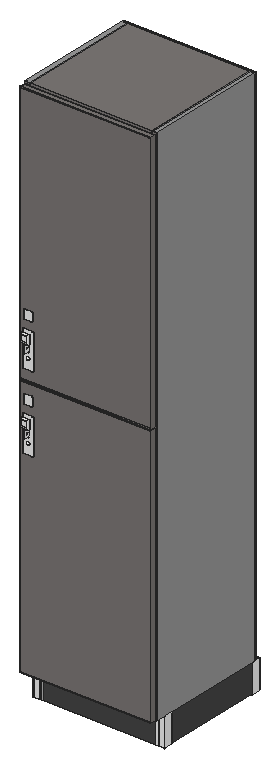
Revit family "Wood_Lockers_Hasps-Salsbury_Industries-18_42000_Series-1_Wide_Units.rfa", category Specialty Equipment, Revit 2016 (continued)
Definition of nested family "Wood Locker Side Panels-No Slope"
  Forms (in)
    Extrusion 2, solid, material <- "Laminate Surface", visible <- "Visible"
      from -0.031 to 0
    Extrusion 3, solid, material <- "Laminate Surface", visible <- "Visible"
      sketch origin (0, 0, 0) x (1, 0, 0) y (0, 0, 1)
        loop
          line (-11.8125, 0) -> (11.8125, 0) -> (11.8125, 72) -> (-11.8125, 72) -> (-11.8125, 0)
        loop
          line (-11.7815, 0.031) -> (11.7815, 0.031) -> (11.7815, 71.969) -> (-11.7815, 71.969) -> (-11.7815, 0.031)
      from -0.375 to 0.344
  Dimensions and locks (in)
    equal spacing: plane 6 "Left Side", plane 3 "Center (Left/Right)", plane 7 "Right Side"
    plane 5 "Front" to plane 1 "Center (Front/Back)" to plane 4 "Back" = 0.375", 0.375"
    "Width": plane 6 "Left Side" to plane 7 "Right Side"
    "Depth": plane 5 "Front" to plane 4 "Back"
    equal spacing: plane 9 "Top", plane 10 "Center Elevation", plane 8 "Bottom"
    "Height": plane 9 "Top" to plane 8 "Bottom"
    locked: plane 5 "Front" to plane 11 "Wood - Laminate Edge" at 0.031
    locked: plane 15 "Bottom of Wood" to plane 8 "Bottom" at 0.031
    locked: plane 12 "Right Side of Wood" to plane 7 "Right Side" at 0.031
    locked: plane 6 "Left Side" to plane 13 "Left Side of Wood" at 0.031
    locked: plane 9 "Top" to plane 14 "Top of Wood" at 0.031
    aligned and locked: level to plane 2
    aligned and locked: Extrusion 2 sketch curve to plane 7 "Right Side"
    aligned and locked: plane 8 "Bottom" to Extrusion 2 sketch curve
    aligned and locked: plane 6 "Left Side" to Extrusion 2 sketch curve
    aligned and locked: plane 9 "Top" to Extrusion 2 sketch curve
    aligned and locked: Extrusion 3 to plane 4 "Back"
    aligned and locked: plane 11 "Wood - Laminate Edge" to Extrusion 3
  Automatic sketch dimensions
    plane 13 "Left Side of Wood" to Extrusion 1 sketch curve = 0.000"
    plane 12 "Right Side of Wood" to Extrusion 1 sketch curve = 0.000"
    Extrusion 1 sketch curve to plane 15 "Bottom of Wood" = 0.000"
    Extrusion 1 sketch curve to plane 14 "Top of Wood" = 0.000"
    plane 13 "Left Side of Wood" to Extrusion 3 sketch curve = 0.000"
    Extrusion 3 sketch curve to level = 0.000"
    plane 13 "Left Side of Wood" to Extrusion 3 sketch curve = 0.031"
    plane 12 "Right Side of Wood" to Extrusion 3 sketch curve = 0.000"
    plane 7 "Right Side" to Extrusion 3 sketch curve = 0.000"
    Extrusion 3 sketch curve to plane 15 "Bottom of Wood" = 0.000"
    Extrusion 3 sketch curve to plane 14 "Top of Wood" = 0.000"
    Extrusion 3 sketch curve to plane 9 "Top" = 0.000"
Definition of nested family "Wood Locker Side Panels-With Slope"
  Parameters (values of type "44238 - 6' H for 24" D Lockers")
    Width = 23.625"
    Visible = yes
    Version = "1.0 (12/15/23)"
    Type Comments = "Side Panel for Premier Wood Lockers with Sloping Hood"
    Slope Height = 8.608"
    Model = "44238"
    Manufacturer = "Salsbury Industries"
    Laminate Surface = none
    Height = 72.153"
    Door Trim = none
    Description = "6' H for 24\" D Lockers"
    Depth = 0.750"
  Types (6): name | Width | Visible | Version | Type Comments | Slope Height | Model | Manufacturer | Height | Description
    (no name) | 23.625" | yes | "1.0 (12/15/23)" | "Side Panel for Premier Wood Lockers with Sloping Hood" | 8.608" | "44238" | "Salsbury Industries" | 72.153" | "6' H for 24\" D Lockers"
    44334 - 6' H  for 18" D Lockers | 17.625" | yes | "1.0 (12/15/23)" | "Side Panel for Premier Wood Lockers with Sloping Hood" | 6.806" | "44334" | "Salsbury Industries" | 72.062" | "6' H for 18\" D Lockers"
    44336 - 6' H for 21" D Lockers | 20.625" | yes | "1.0 (12/15/23)" | "Side Panel for Premier Wood Lockers with Sloping Hood" | 7.931" | "44336" | "Salsbury Industries" | 72.062" | "6' H for 21\" D Lockers"
    None | 14.625" | no | "" | "" | 5.681" | "" | "" | 72.062" | ""
    44339 - 6' H for 15" D Lockers | 14.625" | yes | "1.0 (12/15/23)" | "Side Panel for Premier Wood Lockers with Sloping Hood" | 5.681" | "44339" | "Salsbury Industries" | 72.062" | "6' H for 15\" D Lockers"
    44238 - 6' H for 24" D Lockers | 23.625" | yes | "1.0 (12/15/23)" | "Side Panel for Premier Wood Lockers with Sloping Hood" | 8.608" | "44238" | "Salsbury Industries" | 72.153" | "6' H for 24\" D Lockers"
  Reference planes (in)
    plane 1 "Center (Front/Back)": y = 0
    plane 2: z = 0
    plane 3 "Center (Left/Right)": x = 0
    plane 4 "Back": y = 0.375
    plane 5 "Front": y = -0.375
    plane 6 "Left Side": x = -11.8125
    plane 7 "Right Side": x = 11.8125
    plane 8 "Bottom": z = 0
    plane 9 "Top": z = 72.153
    plane 10 "Center Elevation": z = 36.0765
    plane 11 "Wood - Laminate Edge": y = -0.344
    plane 12 "Right Side of Wood": x = 11.7815
    plane 13 "Left Side of Wood": x = -11.7815
    plane 14 "Top of Wood": z = 72.028
    plane 15 "Bottom of Wood": z = 0.031
    plane 16: z = 80.761
    plane 17: z = 80.636
  Forms (in)
    Extrusion 1, solid, visible <- "Visible"
      sketch origin (0, 0.375, 0) x (1, 0, 0) y (0, 0, 1)
        loop
          line (-11.8125, 80.73) -> (-11.8125, 0) -> (11.7815, 0) -> (11.7815, 72.13387) -> (-11.8125, 80.73)
      from 0 to 0.719
    Extrusion 2, solid, material <- "Laminate Surface", visible <- "Visible"
      sketch origin (0, -0.375, 0) x (1, 0, 0) y (0, 0, 1)
        loop
          line (-11.8125, 0) -> (11.8125, 0) -> (11.8125, 72.153) -> (-11.8125, 80.761) -> (-11.8125, 0)
      from -0.031 to 0
    Extrusion 3, solid, material <- "Laminate Surface", visible <- "Visible"
      sketch origin (0, -0.375, 0) x (1, 0, 0) y (0, 0, 1)
        loop
          line (11.8125, 0) -> (11.8125, 72.153) -> (-11.8125, 80.761) -> (-11.8125, 80.73) -> (11.7815, 72.13387) -> (11.7815, 0) -> (11.8125, 0)
      from -0.031 to -0.75
  Dimensions and locks (in)
    equal spacing: plane 6 "Left Side", plane 3 "Center (Left/Right)", plane 7 "Right Side"
    plane 5 "Front" to plane 1 "Center (Front/Back)" to plane 4 "Back" = 0.375", 0.375"
    "Width": plane 6 "Left Side" to plane 7 "Right Side"
    "Depth": plane 5 "Front" to plane 4 "Back"
    equal spacing: plane 9 "Top", plane 10 "Center Elevation", plane 8 "Bottom"
    "Height": plane 9 "Top" to plane 8 "Bottom"
    locked: plane 5 "Front" to plane 11 "Wood - Laminate Edge" at 0.031
    locked: plane 15 "Bottom of Wood" to plane 8 "Bottom" at 0.031
    locked: plane 12 "Right Side of Wood" to plane 7 "Right Side" at 0.031
    locked: plane 6 "Left Side" to plane 13 "Left Side of Wood" at 0.031
    locked: plane 9 "Top" to plane 14 "Top of Wood" at 0.125
    "Slope Height": plane 16 to plane 9 "Top"
    locked: plane 16 to plane 17 at 0.125
    aligned and locked: level to plane 2
    aligned and locked: Extrusion 3 to plane 4 "Back"
    aligned and locked: plane 11 "Wood - Laminate Edge" to Extrusion 3
  Automatic sketch dimensions
    plane 6 "Left Side" to Extrusion 2 sketch curve = 0.000"
    plane 7 "Right Side" to Extrusion 2 sketch curve = 0.000"
    Extrusion 2 sketch curve to level = 0.000"
    Extrusion 2 sketch curve to plane 9 "Top" = 0.000"
    Extrusion 2 sketch curve to plane 16 = 0.000"
    Extrusion 1 sketch curve to level = 0.000"
    plane 6 "Left Side" to Extrusion 1 sketch curve = 0.000"
    plane 12 "Right Side of Wood" to Extrusion 1 sketch curve = 0.000"
    plane 9 "Top" to Extrusion 1 sketch curve = 0.01913"
    plane 6 "Left Side" to Extrusion 3 sketch curve = 0.000"
    plane 12 "Right Side of Wood" to Extrusion 3 sketch curve = 0.000"
    plane 7 "Right Side" to Extrusion 3 sketch curve = 0.000"
    Extrusion 3 sketch curve to level = 0.000"
    Extrusion 3 sketch curve to plane 9 "Top" = 0.000"
    Extrusion 3 sketch curve to plane 16 = 0.000"
    plane 9 "Top" to Extrusion 3 sketch curve = 0.01913"
    plane 16 to Extrusion 3 sketch curve = 0.031"
    plane 16 to Extrusion 1 sketch curve = 0.031"
Definition of nested family "Wood Locker Double Side Panels-No Slope"
  Parameters (values of type "44237DE - 6' H for 24"D Lockers")
    Width = 47.250"
    Visible = yes
    Version = "1.0 (12/15/23)"
    Type Comments = "Double End Panel for Premier Wood Lockers"
    Model = "44237DE"
    Manufacturer = "Salsbury Industries"
    Laminate Surface = none
    Height = 72.000"
    Door Trim = none
    Description = "For 6' H x 21\" D without Sloping Hood"
    Depth = 0.750"
  Types (6): name | Width | Visible | Version | Type Comments | Model | Manufacturer | Description
    (no name) | 47.250" | yes | "1.0 (12/15/23)" | "Double End Panel for Premier Wood Lockers" | "44237DE" | "Salsbury Industries" | "For 6' H x 21\" D without Sloping Hood"
    44330DE - 6' H for 15"D Lockers | 29.250" | yes | "1.0 (12/15/23)" | "Double End Panel for Premier Wood Lockers" | "44330DE" | "Salsbury Industries" | "For 6' H x 15\" D without Sloping Hood"
    44333DE - 6' H for 18" D Lockers | 35.250" | yes | "1.0 (12/15/23)" | "Double End Panel for Premier Wood Lockers" | "44333DE" | "Salsbury Industries" | "For 6' H x 18\" D without Sloping Hood"
    44335DE - 6' H for 21" D Lockers | 41.250" | yes | "1.0 (12/15/23)" | "Double End Panel for Premier Wood Lockers" | "44335DE" | "Salsbury Industries" | "For 6' H x 21\" D without Sloping Hood"
    None | 14.000" | no | "" | "" | "" | "" | ""
    44237DE - 6' H for 24"D Lockers | 47.250" | yes | "1.0 (12/15/23)" | "Double End Panel for Premier Wood Lockers" | "44237DE" | "Salsbury Industries" | "For 6' H x 21\" D without Sloping Hood"
  Reference planes (in)
    plane 1 "Center (Front/Back)": y = 0
    plane 2: z = 0
    plane 3 "Center (Left/Right)": x = 0
    plane 4 "Back": y = 0.375
    plane 5 "Front": y = -0.375
    plane 6 "Left Side": x = -23.625
    plane 7 "Right Side": x = 23.625
    plane 8 "Bottom": z = 0
    plane 9 "Top": z = 72
    plane 10 "Center Elevation": z = 36
    plane 11 "Wood - Laminate Edge": y = -0.344
    plane 12 "Right Side of Wood": x = 23.594
    plane 13 "Left Side of Wood": x = -23.594
    plane 14 "Top of Wood": z = 71.969
    plane 15 "Bottom of Wood": z = 0.031
  Forms (in)
    Extrusion 1, solid, visible <- "Visible"
      sketch origin (0, 0.375, 0) x (1, 0, 0) y (0, 0, 1)
        loop
          line (23.594, 71.969) -> (-23.594, 71.969) -> (-23.594, 0.031) -> (23.594, 0.031) -> (23.594, 71.969)
      from 0 to 0.719
    Extrusion 2, solid, material <- "Laminate Surface", visible <- "Visible"
      sketch origin (0, -0.375, 0) x (1, 0, 0) y (0, 0, 1)
        loop
          line (-23.625, 72) -> (-23.625, 0) -> (23.625, 0) -> (23.625, 72) -> (-23.625, 72)
      from -0.031 to 0
    Extrusion 3, solid, material <- "Laminate Surface", visible <- "Visible"
      sketch origin (0, 0, 0) x (1, 0, 0) y (0, 0, 1)
        loop
          line (-23.625, 0) -> (23.625, 0) -> (23.625, 72) -> (-23.625, 72) -> (-23.625, 0)
        loop
          line (23.594, 71.969) -> (-23.594, 71.969) -> (-23.594, 0.031) -> (23.594, 0.031) -> (23.594, 71.969)
      from -0.375 to 0.344
  Dimensions and locks (in)
    equal spacing: plane 6 "Left Side", plane 3 "Center (Left/Right)", plane 7 "Right Side"
    plane 5 "Front" to plane 1 "Center (Front/Back)" to plane 4 "Back" = 0.375", 0.375"
    "Width": plane 6 "Left Side" to plane 7 "Right Side"
    "Depth": plane 5 "Front" to plane 4 "Back"
    equal spacing: plane 9 "Top", plane 10 "Center Elevation", plane 8 "Bottom"
    "Height": plane 9 "Top" to plane 8 "Bottom"
    locked: plane 5 "Front" to plane 11 "Wood - Laminate Edge" at 0.031
    locked: plane 15 "Bottom of Wood" to plane 8 "Bottom" at 0.031
    plane 12 "Right Side of Wood" to plane 7 "Right Side" = 0.031"
    locked: plane 6 "Left Side" to plane 13 "Left Side of Wood" at 0.031
    locked: plane 9 "Top" to plane 14 "Top of Wood" at 0.031
    aligned and locked: level to plane 2
    aligned and locked: Extrusion 2 sketch curve to plane 8 "Bottom"
    aligned and locked: plane 6 "Left Side" to Extrusion 2 sketch curve
    aligned and locked: Extrusion 2 sketch curve to plane 7 "Right Side"
    aligned and locked: Extrusion 2 sketch curve to plane 9 "Top"
    aligned and locked: Extrusion 3 to plane 4 "Back"
    aligned and locked: plane 11 "Wood - Laminate Edge" to Extrusion 3
  Automatic sketch dimensions
    plane 13 "Left Side of Wood" to Extrusion 1 sketch curve = 0.000"
    plane 12 "Right Side of Wood" to Extrusion 1 sketch curve = 0.000"
    Extrusion 1 sketch curve to plane 15 "Bottom of Wood" = 0.000"
    Extrusion 1 sketch curve to plane 14 "Top of Wood" = 0.000"
    Extrusion 3 sketch curve to level = 0.000"
    plane 6 "Left Side" to Extrusion 3 sketch curve = 0.000"
    plane 7 "Right Side" to Extrusion 3 sketch curve = 0.000"
    Extrusion 3 sketch curve to plane 9 "Top" = 0.000"
    plane 13 "Left Side of Wood" to Extrusion 3 sketch curve = 0.000"
    Extrusion 3 sketch curve to plane 15 "Bottom of Wood" = 0.000"
    Extrusion 3 sketch curve to plane 14 "Top of Wood" = 0.000"
    plane 12 "Right Side of Wood" to Extrusion 3 sketch curve = 0.000"
Definition of nested family "Wood Locker Double Side Panels-With Slope"
  Parameters (values of type "44238DE - 6' H for 24"D Lockers")
    Width = 47.250"
    Visible = yes
    Version = "1.0 (12/15/23)"
    Type Comments = "Double End Panel for Premier Wood Lockers"
    Slope Height = 8.895"
    Model = "442386DE"
    Manufacturer = "Salsbury Industries"
    Laminate Surface = none
    Height = 72.153"
    Door Trim = none
    Description = "For 6' H x 21\" D Lockers with Sloping Hood"
    Depth = 0.750"
  Types (6): name | Width | Visible | Version | Type Comments | Slope Height | Model | Manufacturer | Height | Description
    (no name) | 47.250" | yes | "1.0 (12/15/23)" | "Double End Panel for Premier Wood Lockers" | 8.895" | "442386DE" | "Salsbury Industries" | 72.153" | "For 6' H x 21\" D Lockers with Sloping Hood"
    44339DE - 6' H for 15"D Lockers | 29.250" | yes | "1.0 (12/15/23)" | "Double End Panel for Premier Wood Lockers" | 5.681" | "44339DE" | "Salsbury Industries" | 72.062" | "For 6' H x 15\" D Lockers with Sloping Hood"
    44334DE - 6' H  for 18" D Lockers | 35.250" | yes | "1.0 (12/15/23)" | "Double End Panel for Premier Wood Lockers" | 6.806" | "44334DE" | "Salsbury Industries" | 72.062" | "For 6' H x 18\" D Lockers with Sloping Hood"
    44336DE - 6' H for 21" D Lockers | 41.250" | yes | "1.0 (12/15/23)" | "Double End Panel for Premier Wood Lockers" | 7.931" | "44336DE" | "Salsbury Industries" | 72.062" | "For 6' H x 21\" D Lockers with Sloping Hood"
    None | 14.000" | no | "" | "" | 5.500" | "" | "" | 72.000" | ""
    44238DE - 6' H for 24"D Lockers | 47.250" | yes | "1.0 (12/15/23)" | "Double End Panel for Premier Wood Lockers" | 8.895" | "442386DE" | "Salsbury Industries" | 72.153" | "For 6' H x 21\" D Lockers with Sloping Hood"
  Reference planes (in)
    plane 1 "Center (Front/Back)": y = 0
    plane 2: z = 0
    plane 3 "Center (Left/Right)": x = 0
    plane 4 "Back": y = 0.375
    plane 5 "Front": y = -0.375
    plane 6 "Left Side": x = -23.625
    plane 7 "Right Side": x = 23.625
    plane 8 "Bottom": z = 0
    plane 9 "Top": z = 72.153
    plane 10 "Center Elevation": z = 36.0765
    plane 11 "Wood - Laminate Edge": y = -0.344
    plane 12 "Right Side of Wood": x = 23.594
    plane 13 "Left Side of Wood": x = -23.594
    plane 14 "Top of Wood": z = 72.028
    plane 15 "Bottom of Wood": z = 0.125
    plane 16: z = 81.048
    plane 17: z = 81.017
  Forms (in)
    Extrusion 1, solid, visible <- "Visible"
      sketch origin (0, 0.375, 0) x (1, 0, 0) y (0, 0, 1)
        loop
          line (23.594, 72.122) -> (0, 81.017) -> (-23.594, 72.122) -> (-23.594, 0) -> (23.594, 0) -> (23.594, 72.122)
      from 0 to 0.719
    Extrusion 2, solid, material <- "Laminate Surface", visible <- "Visible"
      sketch origin (0, -0.375, 0) x (1, 0, 0) y (0, 0, 1)
        loop
          line (23.625, 0) -> (23.625, 72.153) -> (0, 81.048) -> (-23.625, 72.153) -> (-23.625, 0) -> (23.625, 0)
      from -0.031 to 0
    Extrusion 3, solid, material <- "Laminate Surface", visible <- "Visible"
      sketch origin (0, 0.375, 0) x (1, 0, 0) y (0, 0, 1)
        loop
          line (23.625, 0) -> (23.625, 72.153) -> (0, 81.048) -> (-23.625, 72.153) -> (-23.625, 0) -> (-23.594, 0) -> (-23.594, 72.122) -> (0, 81.017) -> (23.594, 72.122) -> (23.594, 0) -> (23.625, 0)
      from 0 to 0.719
  Dimensions and locks (in)
    equal spacing: plane 6 "Left Side", plane 3 "Center (Left/Right)", plane 7 "Right Side"
    plane 5 "Front" to plane 1 "Center (Front/Back)" to plane 4 "Back" = 0.375", 0.375"
    "Width": plane 6 "Left Side" to plane 7 "Right Side"
    "Depth": plane 5 "Front" to plane 4 "Back"
    equal spacing: plane 9 "Top", plane 10 "Center Elevation", plane 8 "Bottom"
    "Height": plane 9 "Top" to plane 8 "Bottom"
    locked: plane 5 "Front" to plane 11 "Wood - Laminate Edge" at 0.031
    locked: plane 15 "Bottom of Wood" to plane 8 "Bottom" at 0.125
    locked: plane 12 "Right Side of Wood" to plane 7 "Right Side" at 0.031
    locked: plane 6 "Left Side" to plane 13 "Left Side of Wood" at 0.031
    locked: plane 9 "Top" to plane 14 "Top of Wood" at 0.125
    "Slope Height": plane 16 to plane 9 "Top"
    locked: plane 16 to plane 17 at 0.031
    aligned and locked: level to plane 2
    aligned and locked: Extrusion 3 to plane 4 "Back"
    aligned and locked: plane 11 "Wood - Laminate Edge" to Extrusion 3
  Automatic sketch dimensions
    plane 6 "Left Side" to Extrusion 2 sketch curve = 0.000"
    Extrusion 2 sketch curve to plane 3 "Center (Left/Right)" = 0.000"
    plane 7 "Right Side" to Extrusion 2 sketch curve = 0.000"
    Extrusion 2 sketch curve to level = 0.000"
    Extrusion 2 sketch curve to plane 9 "Top" = 0.000"  (x2)
    Extrusion 2 sketch curve to plane 16 = 0.000"
    Extrusion 1 sketch curve to level = 0.000"
    plane 13 "Left Side of Wood" to Extrusion 1 sketch curve = 0.000"
    Extrusion 1 sketch curve to plane 3 "Center (Left/Right)" = 0.000"
    plane 12 "Right Side of Wood" to Extrusion 1 sketch curve = 0.000"
    Extrusion 1 sketch curve to plane 17 = 0.000"
    plane 9 "Top" to Extrusion 1 sketch curve = 0.031"  (x2)
    Extrusion 3 sketch curve to level = 0.000"  (x2)
    plane 6 "Left Side" to Extrusion 3 sketch curve = 0.000"
    plane 13 "Left Side of Wood" to Extrusion 3 sketch curve = 0.000"
    Extrusion 3 sketch curve to plane 3 "Center (Left/Right)" = 0.000"  (x2)
    plane 12 "Right Side of Wood" to Extrusion 3 sketch curve = 0.000"
    plane 7 "Right Side" to Extrusion 3 sketch curve = 0.000"
    Extrusion 3 sketch curve to plane 9 "Top" = 0.000"  (x2)
    plane 9 "Top" to Extrusion 3 sketch curve = 0.031"  (x2)
    Extrusion 3 sketch curve to plane 17 = 0.000"
    Extrusion 3 sketch curve to plane 16 = 0.000"
Definition of nested family "Wood Locker Front Fillers"
  Parameters (values of type "44467 - 15" W for 6'H Lockers without Base")
    Width = 15.000"
    Visible Base = no
    Visible = yes
    Version = "1.0 (12/15/23)"
    Type Comments = "Front Vertical Filler for Premier Wood Lockers"
    Model = "44467"
    Manufacturer = "Salsbury Industries"
    Laminate Surface = none
    Height = 72.000"
    Description = "For 6' H Lockers"
    Depth = 0.750"
    Base Material = none
    Base Height = 0.000"
  Types (3): name | Width | Visible | Version | Type Comments | Model | Manufacturer | Description | Base Height
    None | 15.000" | no | "" | "" | "" | "" | "" | 4.000"
    44467 - 15" W for 6'H Lockers without Base | 15.000" | yes | "1.0 (12/15/23)" | "Front Vertical Filler for Premier Wood Lockers" | "44467" | "Salsbury Industries" | "For 6' H Lockers" | 0.000"
    44469 - 9" W for 6' H Lockers without Base | 9.000" | yes | "1.0 (12/15/23)" | "Front Vertical Filler for Premier Wood Lockers" | "44469" | "Salsbury Industries" | "For 6' H Lockers" | 0.000"
  Reference planes (in)
    plane 1 "Center (Front/Back)": y = 0
    plane 2: z = 0
    plane 3 "Center (Left/Right)": x = 0
    plane 4 "Back": y = 0.375
    plane 5 "Front": y = -0.375
    plane 6 "Left Side": x = -7.5
    plane 7 "Right Side": x = 7.5
    plane 8 "Bottom": z = 0
    plane 9 "Top": z = 72
    plane 10 "Center Elevation": z = 36
    plane 11 "Wood - Laminate Edge": y = -0.344
    plane 12 "Right Side of Wood": x = 7.375
    plane 13 "Left Side of Wood": x = -7.375
    plane 14 "Top of Wood": z = 71.875
    plane 15 "Bottom of Wood": z = 0.125
    plane 16 "Front of Base Filler": y = 1
  Forms (in)
    Extrusion 1, solid, visible <- "Visible"
      sketch origin (0, 0.375, 0) x (1, 0, 0) y (0, 0, 1)
        loop
          line (7.5, 72) -> (-7.5, 72) -> (-7.5, 0) -> (7.5, 0) -> (7.5, 72)
      from 0 to 0.719
    Extrusion 2, solid, material <- "Laminate Surface", visible <- "Visible"
      sketch origin (0, -0.375, 0) x (1, 0, 0) y (0, 0, 1)
        loop
          line (-7.5, 72) -> (-7.5, 0) -> (7.5, 0) -> (7.5, 72) -> (-7.5, 72)
      from -0.031 to 0
    Extrusion 3, solid, material <- "Base Material", visible <- "Visible Base"
      sketch origin (0, 0, 0) x (1, 0, 0) y (0, 1, 0)
        loop
          line (-7.5, 1.75) -> (-7.5, 0.375) -> (7.5, 0.375) -> (7.5, 1.75) -> (-7.5, 1.75)
      from 0 to 0.75
    Extrusion 4, solid, material <- "Base Material", visible <- "Visible Base"
      sketch origin (0, 0, 0) x (1, 0, 0) y (0, 1, 0)
        loop
          line (-7.5, 1.75) -> (-7.5, 1) -> (7.5, 1) -> (7.5, 1.75) -> (-7.5, 1.75)
      from 0 to -4
  Dimensions and locks (in)
    equal spacing: plane 6 "Left Side", plane 3 "Center (Left/Right)", plane 7 "Right Side"
    plane 5 "Front" to plane 1 "Center (Front/Back)" to plane 4 "Back" = 0.375", 0.375"
    "Width": plane 6 "Left Side" to plane 7 "Right Side"
    "Depth": plane 5 "Front" to plane 4 "Back"
    equal spacing: plane 9 "Top", plane 10 "Center Elevation", plane 8 "Bottom"
    locked: plane 5 "Front" to plane 11 "Wood - Laminate Edge" at 0.031
    locked: plane 15 "Bottom of Wood" to plane 8 "Bottom" at 0.125
    locked: plane 12 "Right Side of Wood" to plane 7 "Right Side" at 0.125
    locked: plane 6 "Left Side" to plane 13 "Left Side of Wood" at 0.125
    locked: plane 9 "Top" to plane 14 "Top of Wood" at 0.125
    locked: plane 5 "Front" to plane 16 "Front of Base Filler" at 1.375
    "Base Height": plane 8 "Bottom" to plane 2
    "Height": plane 9 "Top" to plane 8 "Bottom"
    aligned and locked: level to plane 2
    aligned and locked: plane 8 "Bottom" to Extrusion 1
  Automatic sketch dimensions
    plane 6 "Left Side" to Extrusion 1 sketch curve = 0.000"
    plane 7 "Right Side" to Extrusion 1 sketch curve = 0.000"
    level to Extrusion 1 sketch curve = 0.000"
    Extrusion 1 sketch curve to plane 9 "Top" = 0.000"
    plane 6 "Left Side" to Extrusion 2 sketch curve = 0.000"
    plane 7 "Right Side" to Extrusion 2 sketch curve = 0.000"
    plane 15 "Bottom of Wood" to Extrusion 2 sketch curve = 0.125"
    Extrusion 2 sketch curve to plane 9 "Top" = 0.000"
    plane 4 "Back" to Extrusion 3 sketch curve = 0.000"
    Extrusion 3 sketch curve to plane 6 "Left Side" = 0.000"
    Extrusion 3 sketch curve to plane 7 "Right Side" = 0.000"
    Extrusion 3 sketch curve to plane 16 "Front of Base Filler" = 0.750"
    Extrusion 4 sketch curve to plane 6 "Left Side" = 0.000"
    Extrusion 4 sketch curve to plane 7 "Right Side" = 0.000"
    plane 16 "Front of Base Filler" to Extrusion 4 sketch curve = 0.000"
    Extrusion 4 sketch curve to plane 16 "Front of Base Filler" = 0.750"
Definition of nested family "Wood Locker Front Corner Filler"
  Parameters (values of type "44464 - for 6' H Lockers with Base")
    Width = 2.250"
    Visible Base = yes
    Visible = yes
    Version = "1.0 (12/15/23)"
    Type Comments = "Front Vertical Corner Filler for Designer Wood Lockers"
    Primary Structure Materials = none
    Model = "44464"
    Manufacturer = "Salsbury Industries"
    Laminate Surface = none
    Height = 72.000"
    Description = "For 6' H Lockers"
    Depth = 0.750"
    Base Primary Materials = none
    Base Height = 4.000"
  Types (3): name | Visible Base | Visible | Version | Type Comments | Model | Manufacturer | Description | Base Height
    None | no | no | "" | "" | "" | "" | "" | 4.000"
    44464 - for 6'H Lockers without Base | no | yes | "1.0 (12/15/23)" | "Front Vertical Corner Filler for Designer Wood Lockers" | "44464" | "Salsbury Industries" | "For 6' H Lockers" | 0.000"
    44464 - for 6' H Lockers with Base | yes | yes | "1.0 (12/15/23)" | "Front Vertical Corner Filler for Designer Wood Lockers" | "44464" | "Salsbury Industries" | "For 6' H Lockers" | 4.000"
  Reference planes (in)
    plane 1 "Center (Front/Back)": y = 0
    plane 2 "Bottom of Base": z = 0
    plane 3 "Center (Left/Right)": x = 0
    plane 4 "Back": y = 0.375
    plane 5 "Front": y = -0.375
    plane 6 "Left Side": x = -1.125
    plane 7 "Right Side": x = 1.125
    plane 8 "Bottom": z = 4
    plane 9 "Top": z = 76
    plane 10 "Center Elevation": z = 40
    plane 11 "Wood - Laminate Edge": y = -0.344
    plane 12 "Right Side of Wood": x = 1
    plane 13 "Left Side of Wood": x = -1
    plane 14 "Top of Wood": z = 75.875
    plane 15 "Bottom of Wood": z = 4.125
    plane 16 "Front of Base Filler": y = 1
  Forms (in)
    Extrusion 1, solid, material <- "Primary Structure Materials", visible <- "Visible"
      sketch origin (0, 0.375, 0) x (1, 0, 0) y (0, 0, 1)
        loop
          line (1.125, 76) -> (-1.156, 76) -> (-1.156, 4) -> (1.125, 4) -> (1.125, 76)
      from 0 to 0.719
    Extrusion 2, solid, material <- "Laminate Surface", visible <- "Visible"
      sketch origin (0, -0.375, 0) x (1, 0, 0) y (0, 0, 1)
        loop
          line (-1.125, 76) -> (-1.125, 4) -> (1.125, 4) -> (1.125, 76) -> (-1.125, 76)
      from -0.031 to 0
    Extrusion 3, solid, material <- "Primary Structure Materials", visible <- "Visible"
      sketch origin (-1.875, -1.5, 0) x (0, 1, 0) y (0, 0, 1)
        loop
          line (1.875, 76) -> (-1.125, 76) -> (-1.125, 4) -> (1.875, 4) -> (1.875, 76)
      from 0 to 0.719
    Extrusion 4, solid, material <- "Laminate Surface", visible <- "Visible"
      sketch origin (-1.125, -1.5, 0) x (0, 1, 0) y (0, 0, 1)
        loop
          line (-1.125, 76) -> (-1.125, 4) -> (1.156, 4) -> (1.156, 76) -> (-1.125, 76)
      from -0.031 to 0
    Extrusion 5, solid, material <- "Base Primary Materials", visible <- "Visible Base"
      sketch origin (0, 0, 0) x (1, 0, 0) y (0, 1, 0)
        loop
          line (-3.25, 1.75) -> (-3.25, -2.625) -> (-1.875, -2.625) -> (-1.875, 1.75) -> (-3.25, 1.75)
      from 4 to 4.75
    Extrusion 6, solid, material <- "Base Primary Materials", visible <- "Visible Base"
      sketch origin (0, 0, 0) x (1, 0, 0) y (0, 1, 0)
        loop
          line (-1.875, 1.75) -> (-1.875, 0.375) -> (1.125, 0.375) -> (1.125, 1.75) -> (-1.875, 1.75)
      from 4 to 4.75
    Extrusion 7, solid, material <- "Base Primary Materials", visible <- "Visible Base"
      sketch origin (0, 0, 0) x (1, 0, 0) y (0, 1, 0)
        loop
          line (1.125, 1.75) -> (-2.43407, 1.75) -> (-2.43407, 1) -> (1.125, 1) -> (1.125, 1.75)
      from 0 to 4
    Extrusion 8, solid, material <- "Base Primary Materials", visible <- "Visible Base"
      sketch origin (0, 0, 0) x (1, 0, 0) y (0, 1, 0)
        loop
          line (-3.25, 1.75) -> (-3.25, -2.625) -> (-2.43407, -2.625) -> (-2.43407, 1.75) -> (-3.25, 1.75)
      from 0 to 4
  Dimensions and locks (in)
    equal spacing: plane 6 "Left Side", plane 3 "Center (Left/Right)", plane 7 "Right Side"
    plane 5 "Front" to plane 1 "Center (Front/Back)" to plane 4 "Back" = 0.375", 0.375"
    "Width": plane 6 "Left Side" to plane 7 "Right Side"
    "Depth": plane 5 "Front" to plane 4 "Back"
    equal spacing: plane 9 "Top", plane 10 "Center Elevation", plane 8 "Bottom"
    "Height": plane 9 "Top" to plane 8 "Bottom"
    locked: plane 5 "Front" to plane 11 "Wood - Laminate Edge" at 0.031
    locked: plane 15 "Bottom of Wood" to plane 8 "Bottom" at 0.125
    locked: plane 12 "Right Side of Wood" to plane 7 "Right Side" at 0.125
    locked: plane 6 "Left Side" to plane 13 "Left Side of Wood" at 0.125
    locked: plane 9 "Top" to plane 14 "Top of Wood" at 0.125
    locked: plane 5 "Front" to plane 16 "Front of Base Filler" at 1.375
    "Base Height": plane 8 "Bottom" to plane 2 "Bottom of Base"
    aligned and locked: level to plane 2 "Bottom of Base"
    aligned and locked: plane 8 "Bottom" to Extrusion 1
    aligned and locked: Extrusion 7 to Extrusion 5
    aligned and locked: Extrusion 8 to Extrusion 5
    aligned and locked: Extrusion 7 to Extrusion 8
  Automatic sketch dimensions
    Extrusion 1 sketch curve to plane 9 "Top" = 0.000"
    Extrusion 1 sketch curve to plane 8 "Bottom" = 0.000"
    plane 7 "Right Side" to Extrusion 1 sketch curve = 0.000"
    plane 6 "Left Side" to Extrusion 1 sketch curve = 0.031"
    plane 6 "Left Side" to Extrusion 2 sketch curve = 0.000"
    plane 7 "Right Side" to Extrusion 2 sketch curve = 0.000"
    Extrusion 2 sketch curve to plane 8 "Bottom" = 0.000"
    Extrusion 2 sketch curve to plane 9 "Top" = 0.000"
    plane 9 "Top" to Extrusion 3 sketch curve = 0.000"
    plane 8 "Bottom" to Extrusion 3 sketch curve = 0.000"
    Extrusion 3 sketch curve to plane 4 "Back" = 0.000"
    plane 5 "Front" to Extrusion 3 sketch curve = 2.250"
    plane 8 "Bottom" to Extrusion 4 sketch curve = 0.000"
    plane 9 "Top" to Extrusion 4 sketch curve = 0.000"
    Extrusion 4 sketch curve to plane 11 "Wood - Laminate Edge" = 0.000"
    plane 5 "Front" to Extrusion 4 sketch curve = 2.250"
    plane 6 "Left Side" to Extrusion 5 sketch curve = 2.125"
    plane 6 "Left Side" to Extrusion 5 sketch curve = 0.750"
    plane 5 "Front" to Extrusion 5 sketch curve = 2.250"
    Extrusion 5 sketch curve to plane 16 "Front of Base Filler" = 0.750"
    plane 16 "Front of Base Filler" to Extrusion 7 sketch curve = 0.000"
    Extrusion 7 sketch curve to plane 7 "Right Side" = 0.000"
    plane 6 "Left Side" to Extrusion 7 sketch curve = 1.30907"
    Extrusion 7 sketch curve to plane 16 "Front of Base Filler" = 0.750"
    plane 6 "Left Side" to Extrusion 8 sketch curve = 2.125"
    Extrusion 8 sketch curve to Extrusion 8 sketch curve = 0.81593"
    plane 5 "Front" to Extrusion 8 sketch curve = 2.250"
    Extrusion 8 sketch curve to plane 16 "Front of Base Filler" = 0.750"
    plane 4 "Back" to Extrusion 6 sketch curve = 0.000"
    Extrusion 6 sketch curve to plane 7 "Right Side" = 0.000"
    plane 6 "Left Side" to Extrusion 6 sketch curve = 0.750"
    Extrusion 6 sketch curve to plane 16 "Front of Base Filler" = 0.750"
Definition of nested family "Wood Locker Sloping In-Line Fillers"
  Parameters (values of type "44489 - 15" W for 24" D Lockers")
    Width = 15.000"
    Visible = yes
    Version = "1.0 (12/15/23)"
    Type Comments = "Sloping Hood In-Line Filler for Premier Wood Lockers"
    Model = "44489"
    Manufacturer = "Salsbury Industries"
    Laminate Surface = none
    Height = 9.118"
    Description = "For 24\" D Lockers"
    Depth = 23.625"
  Types (10): name | Width | Visible | Version | Type Comments | Model | Manufacturer | Height | Description | Depth
    (no name) | 15.000" | yes | "1.0 (12/15/23)" | "Sloping Hood In-Line Filler for Premier Wood Lockers" | "44489" | "Salsbury Industries" | 9.118" | "For 24\" D Lockers" | 23.625"
    44487 - 15" W for 15" D Lockers | 15.000" | yes | "1.0 (12/15/23)" | "Sloping Hood In-Line Filler for Premier Wood Lockers" | "44487" | "Salsbury Industries" | 5.743" | "For 15\" D Lockers" | 14.625"
    44488 - 15" W for 18" D Lockers | 15.000" | yes | "1.0 (12/15/23)" | "Sloping Hood In-Line Filler for Premier Wood Lockers" | "44488" | "Salsbury Industries" | 6.868" | "For 18\" D Lockers" | 17.625"
    44481 - 15" W for 21" D Lockers | 15.000" | yes | "1.0 (12/15/23)" | "Sloping Hood In-Line Filler for Premier Wood Lockers" | "44481" | "Salsbury Industries" | 7.993" | "For 21\" D Lockers" | 20.625"
    None | 12.000" | no | "" | "" | "" | "" | 5.500" | "" | 14.000"
    44489 - 15" W for 24" D Lockers | 15.000" | yes | "1.0 (12/15/23)" | "Sloping Hood In-Line Filler for Premier Wood Lockers" | "44489" | "Salsbury Industries" | 9.118" | "For 24\" D Lockers" | 23.625"
    44488 - 9" W for 18" D Lockers | 9.000" | yes | "1.0 (12/15/23)" | "Sloping Hood In-Line Filler for Premier Wood Lockers" | "44488" | "Salsbury Industries" | 6.868" | "For 18\" D Lockers" | 17.625"
    44487 - 9" W for 15" D Lockers | 9.000" | yes | "1.0 (12/15/23)" | "Sloping Hood In-Line Filler for Premier Wood Lockers" | "44487" | "Salsbury Industries" | 5.743" | "For 15\" D Lockers" | 14.625"
    44481 - 9" W for 21" D Lockers | 9.000" | yes | "1.0 (12/15/23)" | "Sloping Hood In-Line Filler for Premier Wood Lockers" | "44481" | "Salsbury Industries" | 7.993" | "For 21\" D Lockers" | 20.625"
    44489 - 9" W for 24" D Lockers | 9.000" | yes | "1.0 (12/15/23)" | "Sloping Hood In-Line Filler for Premier Wood Lockers" | "44489" | "Salsbury Industries" | 9.118" | "For 24\" D Lockers" | 23.625"
  Reference planes (in)
    plane 1 "Center (Front/Back)": y = 0
    plane 2: z = 0
    plane 3 "Center (Left/Right)": x = 0
    plane 4 "Front of Hood": y = -11.8125
    plane 5 "Back of Hood": y = 11.8125
    plane 6 "Right Side of Hood": x = 7.5
    plane 7 "Left Side of Hood": x = -7.5
    plane 8 "Bottom of Hood": z = 0
    plane 9 "Top of Hood": z = 9.118
    plane 10: x = 6.75
    plane 11: x = -6.75
    plane 12: y = -11.7815
    plane 13: y = -11.0625
    plane 14: z = 9.087
    plane 15: z = 8.368
    plane 16: z = 0.062
    plane 17: z = 0.75
  Forms (in)
    Extrusion 1, solid, visible <- "Visible"
      sketch origin (0, 0, 0) x (0, 1, 0) y (0, 0, 1)
        loop
          line (-9.97273, 0) -> (11.8125, 8.368) -> (11.8125, 9.087) -> (-11.73269, 0.062) -> (-11.7815, 0.062) -> (-11.7815, 0) -> (-9.97273, 0)
      from -7.5 to 7.5
    Extrusion 2, solid, material <- "Laminate Surface", visible <- "Visible"
      sketch origin (0, 0, 0) x (0, 1, 0) y (0, 0, 1)
        loop
          line (-11.8125, 0.062) -> (-11.8125, 0) -> (-11.7815, 0) -> (-11.7815, 0.062) -> (-11.8125, 0.062)
      from -7.5 to 7.5
    Extrusion 3, solid, material <- "Laminate Surface", visible <- "Visible"
      sketch origin (0, 0, 0) x (0, 1, 0) y (0, 0, 1)
        loop
          line (11.8125, 9.118) -> (-11.8125, 0.062) -> (-11.73269, 0.062) -> (11.8125, 9.087) -> (11.8125, 9.118)
      from -7.5 to 7.5
  Dimensions and locks (in)
    equal spacing: plane 7 "Left Side of Hood", plane 3 "Center (Left/Right)", plane 6 "Right Side of Hood"
    "Width": plane 7 "Left Side of Hood" to plane 6 "Right Side of Hood"
    equal spacing: plane 4 "Front of Hood", plane 1 "Center (Front/Back)", plane 5 "Back of Hood"
    "Depth": plane 4 "Front of Hood" to plane 5 "Back of Hood"
    "Height": plane 9 "Top of Hood" to plane 8 "Bottom of Hood"
    plane 7 "Left Side of Hood" to plane 11 = 0.750"
    plane 10 to plane 6 "Right Side of Hood" = 0.750"
    plane 4 "Front of Hood" to plane 12 to plane 13 = 0.031" locked, 0.719" locked
    plane 15 to plane 14 to plane 9 "Top of Hood" = 0.719" locked, 0.031" locked
    locked: plane 16 to plane 8 "Bottom of Hood" at 0.062
    locked: plane 17 to plane 8 "Bottom of Hood" at 0.75
    aligned and locked: level to plane 2
    aligned and locked: Extrusion 1 to plane 6 "Right Side of Hood"
    aligned and locked: plane 7 "Left Side of Hood" to Extrusion 1
    aligned and locked: plane 7 "Left Side of Hood" to Extrusion 3
    aligned and locked: Extrusion 3 to plane 6 "Right Side of Hood"
    aligned and locked: Extrusion 2 to plane 6 "Right Side of Hood"
    aligned and locked: plane 7 "Left Side of Hood" to Extrusion 2
  Automatic sketch dimensions
    Extrusion 2 sketch curve to level = 0.000"
    Extrusion 2 sketch curve to plane 4 "Front of Hood" = 0.000"
    Extrusion 2 sketch curve to plane 12 = 0.000"
    plane 16 to Extrusion 2 sketch curve = 0.000"
    Extrusion 3 sketch curve to plane 4 "Front of Hood" = 0.000"
    plane 16 to Extrusion 3 sketch curve = 0.000"
    Extrusion 3 sketch curve to plane 5 "Back of Hood" = 0.000"
    plane 14 to Extrusion 3 sketch curve = 0.000"
    plane 9 "Top of Hood" to Extrusion 3 sketch curve = 0.000"
    Extrusion 3 sketch curve to plane 12 = 0.04881"
    Extrusion 1 sketch curve to level = 0.000"
    Extrusion 1 sketch curve to plane 12 = 0.000"
    plane 16 to Extrusion 1 sketch curve = 0.000"
    Extrusion 1 sketch curve to plane 5 "Back of Hood" = 0.000"
    plane 15 to Extrusion 1 sketch curve = 0.000"
    plane 14 to Extrusion 1 sketch curve = 0.000"
    Extrusion 1 sketch curve to plane 13 = 1.08977"
    Extrusion 1 sketch curve to plane 12 = 0.04881"
Definition of nested family "Wood Locker Flat In-Line Fillers"
  Parameters (values of type "44448 - 15" W for 18" D Lockers")
    Width = 15.000"
    Visible = yes
    Version = "1.0 (12/15/23)"
    Type Comments = "Flat Top In-Line Filler for Premier Wood Lockers"
    Model = "44448"
    Manufacturer = "Salsbury Industries"
    Laminate Surface = none
    Height = 0.750"
    Description = "For 18\" D Lockers"
    Depth = 16.875"
  Types (10): name | Width | Visible | Version | Type Comments | Model | Manufacturer | Description | Depth
    (no name) | 15.000" | yes | "1.0 (12/15/23)" | "Flat Top In-Line Filler for Premier Wood Lockers" | "44448" | "Salsbury Industries" | "For 18\" D Lockers" | 16.875"
    44447 - 15" W for 15" D Lockers | 15.000" | yes | "1.0 (12/15/23)" | "Flat Top In-Line Filler for Premier Wood Lockers" | "44447" | "Salsbury Industries" | "For 15\" D Lockers" | 13.875"
    44448 - 15" W for 18" D Lockers | 15.000" | yes | "1.0 (12/15/23)" | "Flat Top In-Line Filler for Premier Wood Lockers" | "44448" | "Salsbury Industries" | "For 18\" D Lockers" | 16.875"
    44441 - 15" W for 21" D Lockers | 15.000" | yes | "1.0 (12/15/23)" | "Flat Top In-Line Filler for Premier Wood Lockers" | "44441" | "Salsbury Industries" | "For 21\" D Lockers" | 19.875"
    None | 15.000" | no | "" | "" | "" | "" | "" | 13.250"
    44448 - 9" W for 18" D Lockers | 9.000" | yes | "1.0 (12/15/23)" | "Flat Top In-Line Filler for Premier Wood Lockers" | "44448" | "Salsbury Industries" | "For 18\" D Lockers" | 16.875"
    44447 - 9" W for 15" D Lockers | 9.000" | yes | "1.0 (12/15/23)" | "Flat Top In-Line Filler for Premier Wood Lockers" | "44447" | "Salsbury Industries" | "For 15\" D Lockers" | 13.875"
    44441 - 9" W for 21" D Lockers | 9.000" | yes | "1.0 (12/15/23)" | "Flat Top In-Line Filler for Premier Wood Lockers" | "44441" | "Salsbury Industries" | "For 21\" D Lockers" | 19.875"
    44449 - 15" W for 24" D Lockers | 15.000" | yes | "1.0 (12/15/23)" | "Flat Top In-Line Filler for Premier Wood Lockers" | "44449" | "Salsbury Industries" | "For 24\" D Lockers" | 22.875"
    44449 - 9" W for 24" D Lockers | 9.000" | yes | "1.0 (12/15/23)" | "Flat Top In-Line Filler for Premier Wood Lockers" | "44449" | "Salsbury Industries" | "For 24\" D Lockers" | 22.875"
  Reference planes (in)
    plane 1 "Center (Front/Back)": y = 0
    plane 2: z = 0
    plane 3 "Center (Left/Right)": x = 0
    plane 4 "Right Side": x = 7.5
    plane 5 "Left Side": x = -7.5
    plane 6 "Front Side": y = -8.4375
    plane 7 "Back Side": y = 8.4375
    plane 8 "Bottom": z = 0
    plane 9 "Top Side": z = 0.75
    plane 10 "Wood - Laminate Line": z = 0.719
  Forms (in)
    Extrusion 1, solid, visible <- "Visible"
      sketch origin (0, 0, 0) x (0, -1, 0) y (1, 0, 0)
        loop
          line (-8.4375, -7.5) -> (8.4375, -7.5) -> (8.4375, 7.5) -> (-8.4375, 7.5) -> (-8.4375, -7.5)
      from 0 to 0.719
    Extrusion 2, solid, material <- "Laminate Surface", visible <- "Visible"
      sketch origin (0, 0, 0.75) x (1, 0, 0) y (0, 1, 0)
        loop
          line (-7.5, -8.4375) -> (7.5, -8.4375) -> (7.5, 8.4375) -> (-7.5, 8.4375) -> (-7.5, -8.4375)
      from -0.031 to 0
  Dimensions and locks (in)
    equal spacing: plane 6 "Front Side", plane 1 "Center (Front/Back)", plane 7 "Back Side"
    equal spacing: plane 5 "Left Side", plane 3 "Center (Left/Right)", plane 4 "Right Side"
    "Width": plane 5 "Left Side" to plane 4 "Right Side"
    "Depth": plane 6 "Front Side" to plane 7 "Back Side"
    "Height": plane 9 "Top Side" to plane 8 "Bottom"
    locked: plane 9 "Top Side" to plane 10 "Wood - Laminate Line" at 0.031
    aligned and locked: level to plane 2
  Automatic sketch dimensions
    Extrusion 1 sketch curve to plane 4 "Right Side" = 0.000"
    plane 7 "Back Side" to Extrusion 1 sketch curve = 0.000"
    Extrusion 1 sketch curve to plane 5 "Left Side" = 0.000"
    plane 6 "Front Side" to Extrusion 1 sketch curve = 0.000"
    Extrusion 2 sketch curve to plane 5 "Left Side" = 0.000"
    plane 4 "Right Side" to Extrusion 2 sketch curve = 0.000"
    plane 6 "Front Side" to Extrusion 2 sketch curve = 0.000"
    Extrusion 2 sketch curve to plane 7 "Back Side" = 0.000"
Definition of nested family "Wood Locker Fascia Fillers"
  Parameters (values of type "44462 - for 3-Wide Units")
    Width = 36.000"
    Visible = yes
    Type Comments = "Front Fascia Filler for Premier Wood Lockers"
    Model = "44462"
    Manufacturer = "Salsbury Industries"
    Laminate Surface = none
    Height = 4.000"
    Description = "4' W for Standard Designer Lockers"
    Depth = 0.750"
  Types (4): name | Width | Visible | Type Comments | Model | Manufacturer | Description
    (no name) | 36.000" | yes | "Front Fascia Filler for Premier Wood Lockers" | "44462" | "Salsbury Industries" | "4' W for Standard Designer Lockers"
    44462 - for 1-Wide Units | 12.000" | yes | "Front Fascia Filler for Premier Wood Lockers" | "44462" | "Salsbury Industries" | "4' W for Standard Designer Lockers"
    None | 12.000" | no | "" | "" | "" | ""
    44462 - for 3-Wide Units | 36.000" | yes | "Front Fascia Filler for Premier Wood Lockers" | "44462" | "Salsbury Industries" | "4' W for Standard Designer Lockers"
  Reference planes (in)
    plane 1 "Center (Front/Back)": y = 0
    plane 2: z = 0
    plane 3 "Center (Left/Right)": x = 0
    plane 4 "Back": y = 0.375
    plane 5 "Front": y = -0.375
    plane 6 "Left Side": x = -18
    plane 7 "Right Side": x = 18
    plane 8 "Bottom": z = 0
    plane 9 "Top": z = 4
    plane 10 "Center Elevation": z = 2
    plane 11 "Wood - Laminate Edge": y = -0.344
    plane 12 "Right Side of Wood": x = 17.875
    plane 13 "Left Side of Wood": x = -17.875
    plane 14 "Top of Wood": z = 3.875
    plane 15 "Bottom of Wood": z = 0.125
    plane 16 "Base Bottom": z = 0
    plane 17 "Front of Base Filler": y = 1
  Forms (in)
    Extrusion 1, solid, visible <- "Visible"
      sketch origin (0, 0.375, 0) x (1, 0, 0) y (0, 0, 1)
        loop
          line (18, 4) -> (-18, 4) -> (-18, 0) -> (18, 0) -> (18, 4)
      from 0 to 0.719
    Extrusion 2, solid, material <- "Laminate Surface", visible <- "Visible"
      sketch origin (0, -0.375, 0) x (1, 0, 0) y (0, 0, 1)
        loop
          line (-18, 4) -> (-18, 0) -> (18, 0) -> (18, 4) -> (-18, 4)
      from -0.031 to 0
  Dimensions and locks (in)
    equal spacing: plane 6 "Left Side", plane 3 "Center (Left/Right)", plane 7 "Right Side"
    plane 5 "Front" to plane 1 "Center (Front/Back)" to plane 4 "Back" = 0.375", 0.375"
    "Width": plane 6 "Left Side" to plane 7 "Right Side"
    "Depth": plane 5 "Front" to plane 4 "Back"
    equal spacing: plane 9 "Top", plane 10 "Center Elevation", plane 8 "Bottom"
    "Height": plane 9 "Top" to plane 8 "Bottom"
    locked: plane 5 "Front" to plane 11 "Wood - Laminate Edge" at 0.031
    locked: plane 15 "Bottom of Wood" to plane 8 "Bottom" at 0.125
    locked: plane 12 "Right Side of Wood" to plane 7 "Right Side" at 0.125
    locked: plane 6 "Left Side" to plane 13 "Left Side of Wood" at 0.125
    locked: plane 9 "Top" to plane 14 "Top of Wood" at 0.125
    locked: plane 5 "Front" to plane 17 "Front of Base Filler" at 1.375
    aligned and locked: level to plane 2
    aligned and locked: Extrusion 1 to plane 8 "Bottom"
  Automatic sketch dimensions
    plane 6 "Left Side" to Extrusion 1 sketch curve = 0.000"
    plane 7 "Right Side" to Extrusion 1 sketch curve = 0.000"
    level to Extrusion 1 sketch curve = 0.000"
    Extrusion 1 sketch curve to plane 9 "Top" = 0.000"
    plane 6 "Left Side" to Extrusion 2 sketch curve = 0.000"
    plane 7 "Right Side" to Extrusion 2 sketch curve = 0.000"
    plane 15 "Bottom of Wood" to Extrusion 2 sketch curve = 0.125"
    Extrusion 2 sketch curve to plane 9 "Top" = 0.000"
Types (7): name | Version | Unit Height including Sloping Hood Only | Unit Height including Base Only | Sloping Hood Height | Overall Unit Height including Base and Sloping Hood | Model | Flat Top In-Line Filler - Right Side | Description | Depth | Compartment Depth | Base Height | Base Depth | Base
  (no name) | "1.0 (01/31/24)" | 78.868" | 76.000" | 6.868" | 82.868" | "18-42168" | Wood Locker Flat In-Line Fillers : None | "1 Wide - 6 Feet High - 18 inches Deep - with Base" | 18.000" | 16.750" | 4.000" | 16.250" | Wood Locker Bases : Base - 18" W x 18" D Lockers
  18-42164 | "1.0 (01/31/24)" | 81.118" | 76.000" | 9.118" | 85.118" | "18-42164" | Wood Locker Flat In-Line Fillers : None | "1 Wide - 6 Feet High - 24 inches Deep - with Base" | 24.000" | 22.750" | 4.000" | 22.250" | Wood Locker Bases : Base - 18" W x 24" D Lockers
  18-42164 - without Base | "1.0  (01/31/24)" | 81.118" | 72.000" | 9.118" | 81.118" | "18-42164 without Base" | Wood Locker Sloping In-Line Fillers : None | "1 Wide - 6 Feet High - 24 inches Deep - without Base" | 24.000" | 22.750" | 0.000" | 22.250" | Wood Locker Bases : None
  18-42168 | "1.0 (01/31/24)" | 78.868" | 76.000" | 6.868" | 82.868" | "18-42168" | Wood Locker Flat In-Line Fillers : None | "1 Wide - 6 Feet High - 18 inches Deep - with Base" | 18.000" | 16.750" | 4.000" | 16.250" | Wood Locker Bases : Base - 18" W x 18" D Lockers
  18-42168 - without Base | "1.0 (01/31/24)" | 78.868" | 72.000" | 6.868" | 78.868" | "18-42168 without Base" | Wood Locker Sloping In-Line Fillers : None | "1 Wide - 6 Feet High - 18 inches Deep - without Base" | 18.000" | 16.750" | 0.000" | 16.250" | Wood Locker Bases : None
  18-42161 | "1.0 (01/31/24)" | 79.993" | 76.000" | 7.993" | 83.993" | "18-42161" | Wood Locker Flat In-Line Fillers : None | "1 Wide - 6 Feet High - 21 inches Deep - with Base" | 21.000" | 19.750" | 4.000" | 19.250" | Wood Locker Bases : Base - 18" W x 21" D Lockers
  18-42161 - without Base | "1.0 (01/31/24)" | 79.993" | 72.000" | 7.993" | 79.993" | "18-42161 without Base" | Wood Locker Sloping In-Line Fillers : None | "1 Wide - 6 Feet High - 21 inches Deep - without Base" | 21.000" | 19.750" | 0.000" | 19.250" | Wood Locker Bases : None
